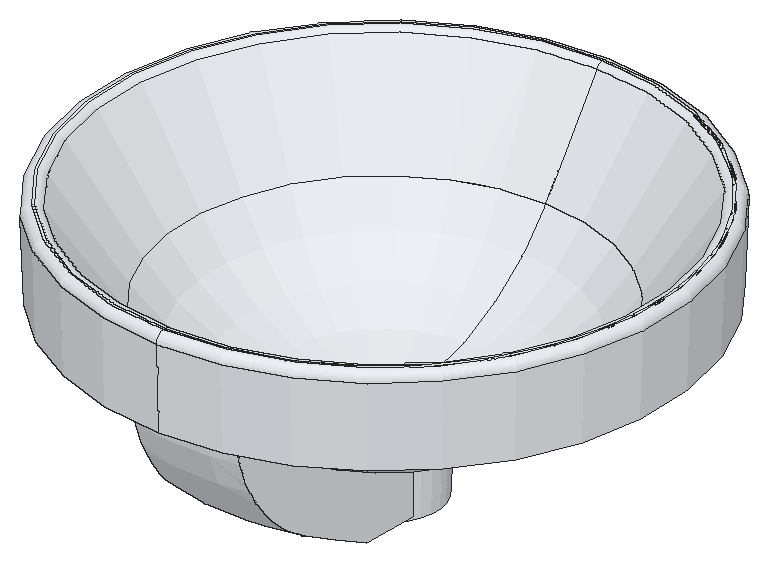
Revit family "CLARK ROUND 350 INSET NTL", category Plumbing Fixtures, host Face, Revit 2015
Parameters (values of type "CLARK ROUND 350 INSET NTL")
  Waste Connection = yes
  Vent Connection = no
  URL = "https://www.clark.com.au/"
  Model = "CL40010-W0"
  Material_Waste = GWA_Metal-Chrome
  Material_Basin = GWA-Porcelain-White
  Manufacturer = "GWA Bathrooms & Kitchens"  # constant formula
  HW Connection = no
  Description = "CLARK ROUND 350 INSET NTL"
  Default Elevation = 0 mm
  CreatedBy_ANZRS = "GWA Bathrooms & Kitchens"  # constant formula
  CW Connection = no
  Assembly Code = "D2010400"
Reference planes
  plane 1 "Center (Front/Back)": y = 0
  plane 2: z = 0
  plane 3 "Center (Left/Right)": x = 0
Forms (mm)
  Revolve 1, solid, material "GWA-Porcelain-White" <- "Material_Basin"
    sketch origin (0, 0, 0) x (0, 1, 0) y (0, 0, 1)
      loop
        arc (-169.405, 55) -> (-173.362, 53.319) -> (-174.901, 49.304) r 5.5
        line (-174.901, 49.304) -> (-173.145, 0) -> (-162.529, 0) -> (-162, 3) -> (-137.79, 3)
        arc (-137.79, 3) -> (-97.663, -42.274) -> (-42.355, -66.787) r 142.304
        line (-42.355, -66.787) -> (-33.117, -76.026) -> (-32, -108) -> (-22, -108) -> (-22, -73) -> (-34.996, -60.004)
        arc (-34.996, -60.004) -> (-85.1, -41.136) -> (-123.852, -4.194) r 134.304
        line (-123.852, -4.194) -> (-163.463, 52.645)
        arc (-163.463, 52.645) -> (-165.43, 54.376) -> (-167.975, 55) r 5.5
        line (-167.975, 55) -> (-169.405, 55)
      axis (0, 55) -> (0, -108)
    angle from 0 to 360
  Revolve 2, solid, material "GWA-Porcelain-White" <- "Material_Basin"
    sketch origin (0, 0, 0) x (0, 1, 0) y (0, 0, 1)
      loop
        arc (-158.087, 3) -> (-141.912, -43.618) -> (-105.866, -77.315) r 102.726
        line (-105.866, -77.315) -> (-62.108, -101.745) -> (-32.164, -103.314) -> (-33.117, -76.026) -> (-42.355, -66.787)
        arc (-42.355, -66.787) -> (-97.701, -42.325) -> (-137.79, 3) r 141.661
        line (-137.79, 3) -> (-158.087, 3)
      axis (0, 3) -> (0, -103.314)
    angle from -60 to 60
  Extrusion 3, void
    sketch origin (-43.524, -96.565, -85.737) x (-1, 0, 0) y (0, -0.573576, 0.819152)
      loop
        arc (-62.524, 129.042) -> (-68.524, 123.042) -> (-62.524, 117.042) r 6
        line (-62.524, 117.042) -> (-24.524, 117.042)
        arc (-24.524, 117.042) -> (-18.524, 123.042) -> (-24.524, 129.042) r 6
        line (-24.524, 129.042) -> (-62.524, 129.042)
    from 0 to 50
  Extrusion 4, void
    sketch origin (11.083, 0, 0) x (1, 0, 0) y (0, 1, 0)
      loop
        line (-188.083, 73.462) -> (-188.083, -216.538) -> (-43.083, -216.538) -> (-43.083, 73.462) -> (-188.083, 73.462)
    from -124.072 to 110.802
  Extrusion 5, void
    sketch origin (220.083, 0, 0) x (1, 0, 0) y (0, 1, 0)
      loop
        line (-188.083, 73.462) -> (-188.083, -216.538) -> (-43.083, -216.538) -> (-43.083, 73.462) -> (-188.083, 73.462)
    from -124.072 to 110.802
  Revolve 6, solid, material "GWA_Metal-Chrome" <- "Material_Waste"
    sketch origin (0, -78.484, -222.565) x (0, 1, 0) y (0, 0, 1)
      loop
        line (95.607, 133.565) -> (97.728, 137.24) -> (97.728, 150.89) -> (99.827, 155.393) -> (99.827, 159.253) -> (108.473, 160.565) -> (108.473, 161.365) -> (98.478, 160.49) -> (98.478, 155.692) -> (95.729, 149.795) -> (95.729, 137.775) -> (93.299, 133.565) -> (95.607, 133.565)
      axis (78.484, 161.365) -> (78.484, 133.565)
    angle from 0 to 360
  Revolve 7, solid, material "GWA_Metal-Chrome" <- "Material_Waste"
    sketch origin (0, -78.484, -222.565) x (0, 1, 0) y (0, 0, 1)
      loop
        line (98.178, 159.504) -> (98.178, 160.504)
        arc (98.178, 160.504) -> (88.381, 161.998) -> (78.484, 162.514) r 100
        line (78.484, 162.514) -> (78.484, 159.504) -> (98.178, 159.504)
      axis (78.484, 162.514) -> (78.484, 159.504)
    angle from 0 to 360
Cuts and joins
  Extrusion 3 cuts Revolve 1
  Extrusion 4, Extrusion 5 cuts Revolve 2
Lines and regions (mm)
  Masking region 1
    outline origin (0, 0, 0) x (1, 0, 0) y (0, 1, 0)
      loop
        circle (0, 0) r 175
  Masking region 2
    outline origin (0, 0, 0) x (1, 0, 0) y (0, 0, 1)
      loop
        line (-173.145, 0) -> (173.145, 0) -> (174.867, 49.308)
        arc (174.867, 49.308) -> (173.327, 53.321) -> (169.37, 55) r 5.5
        line (169.37, 55) -> (-169.37, 55)
        arc (-169.37, 55) -> (-173.327, 53.321) -> (-174.867, 49.308) r 5.5
        line (-174.867, 49.308) -> (-173.145, 0)
  Masking region 3
    outline origin (0, 0, 0) x (0, 1, 0) y (0, 0, 1)
      loop
        line (-173.145, 0) -> (173.145, 0) -> (174.867, 49.308)
        arc (174.867, 49.308) -> (173.327, 53.321) -> (169.37, 55) r 5.5
        line (169.37, 55) -> (-169.888, 55)
        arc (-169.888, 55) -> (-173.485, 53.473) -> (-174.885, 49.826) r 5
        line (-174.885, 49.826) -> (-173.145, 0)
  symbolic lines
    curve 1: circle (0, 0, 0) r 175 normal (0, 0, 1)
    curve 2: circle (0, 0, 0) r 163 normal (0, 0, 1)
    curve 3: circle (0, 0, 0) r 30 normal (0, 0, 1)
    curve 4: circle (0, 0, 0) r 20 normal (0, 0, 1)
    curve 5: line (-173.145, 0, 0) -> (173.145, 0, 0)
    curve 6: line (-169.37, 0, 55) -> (169.37, 0, 55)
    curve 7: line (-173.145, 0, 0) -> (-174.867, 0, 49.308)
    curve 8: line (173.145, 0, 0) -> (174.867, 0, 49.308)
    curve 9: arc (-174.867, 0, 49.308) -> (-173.327, 0, 53.321) -> (-169.37, 0, 55) r 5.5
    curve 10: arc (169.37, 0, 55) -> (173.327, 0, 53.321) -> (174.867, 0, 49.308) r 5.5
    curve 11: line (0, -173.145, 0) -> (0, 173.145, 0)
    curve 12: line (0, 173.145, 0) -> (0, 174.867, 49.308)
    curve 13: line (0, -169.888, 55) -> (0, 169.37, 55)
    curve 14: arc (0, 169.37, 55) -> (0, 173.327, 53.321) -> (0, 174.867, 49.308) r 5.5
    curve 15: line (0, -173.145, 0) -> (0, -174.885, 49.826)
    curve 16: arc (0, -174.885, 49.826) -> (0, -173.485, 53.473) -> (0, -169.888, 55) r 5
Dimensions and locks
  aligned and locked: plane 2 to host face
  aligned and locked: level to host face
Connectors
  piping at (0, 0, -108), diameter 60
    settings: on cut or joined group of Revolve 1, Extrusion 3, index 1, connector inside diameter 609.6 mm, connector length 0 mm, flow factor 0, pipe flow 0.0 L/s, pressure drop 0.0 Pa, fitting loss kfactor 0, connector angle 0.00°, fixture units 0, engagement length 0 mm, angle of deflection 0.00°, flow configuration 3, flow direction 2, fitting loss method 0, system type 16, joint type 0, gender type 0, connector reference index -1, connector utility 0, adjustable connector no, is connector primary yes, connector description ""
